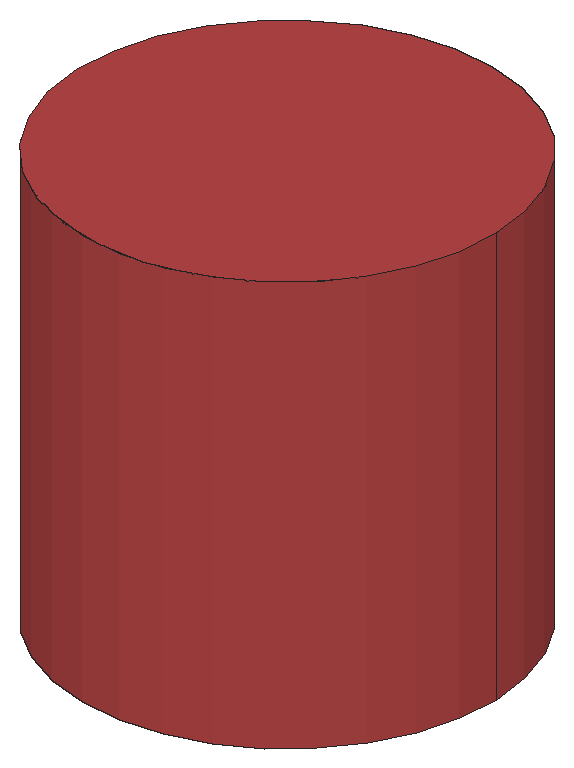
Revit family "ADSK_Error_Place", category Двери, Revit 2020
Family settings
  На основе рабочей плоскости = Нет
  Всегда вертикально = Да
  При загрузке вырезать с полостями = Нет
  Общий = Нет
  Точка расчета площади = Нет
Parameters
  Width [instance] = 500 mm
  Default Elevation = 0 mm
  Define Thermal Properties by = 1
  Height [instance] = 500 mm
  Аналитическая конструкция = "<Нет>"
Reference planes
  plane 1 "По центру (Вперед/Назад)": y = 0
  plane 2: z = 0
  plane 3 "По центру (Влево/Вправо)": x = 0
Forms (mm)
  Extrusion 1, solid, material "Material_Error"
    sketch origin (0, 0, 0) x (1, 0, 0) y (0, 1, 0)
      loop
        circle (0, 0) r 250
    from 0 to 500 <- "Height"
Dimensions and locks
  "Width": diameter of Extrusion 1 sketch curve
  aligned and locked: level to plane 2
Automatic sketch dimensions
  plane 1 "По центру (Вперед/Назад)" to Extrusion 1 sketch curve = 0 mm
  Extrusion 1 sketch curve to plane 3 "По центру (Влево/Вправо)" = 0 mm
